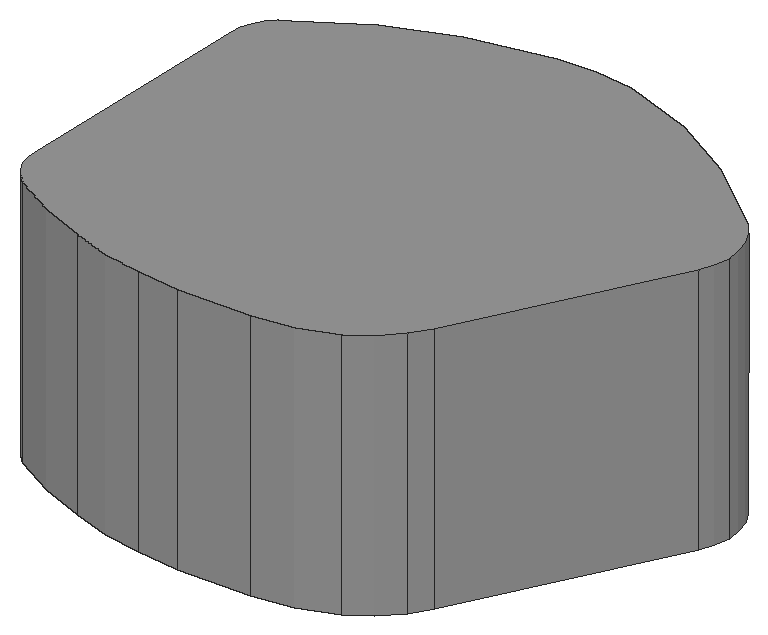
Revit family "Clue_Tables_L30", category Furniture, Revit 2013
Parameters (values of type "CL30")
  Model = "Clue Table L30"
  Length = 2' - 2 3/4"
  Glide = Plastic-Bernhardt-Black
  Description = "Table"
  Width = 2' - 5 3/4"
  URL = "http://bernhardtdesign.com/"
  Product Page URL = "http://www.bernhardtdesign.com/products/clue/index.html"
  Product Name = "Clue"
  Product Documentation Link = "http://www.bernhardtdesign.com/pdf/pricelists/occasional/Clue_PL.pdf"
  Manufacturer = "Bernhardt "  # constant formula
  Level Certification = ""
  Height = 1' - 3 1/2"
  GreenGuard Certification = ""
  Bernhardt Wood = Wood-Bernhardt-Walnut
Reference planes (in)
  plane 1 "Center (Front/Back)": y = 0
  plane 2 "Bottom": z = 0
  plane 3 "Center (Left/Right)": x = 0
  plane 4: z = 15.5
  plane 5: x = -12.6216
  plane 6: through (11.00094, -8.48401, 48) normal (-0.891, 0.454, 0)
  plane 7: y = -12.95083
  plane 8: y = 13.75576
  plane 9 "top of base": z = 1.33567
  plane 10 "base": z = 0.21067
Forms (in)
  Extrusion 1, solid, material "Wood-Bernhardt-Walnut"
    sketch origin (0, 0, 1.33567) x (0, -1, 0) y (1, 0, 0)
      loop
        line (-6.57169, -12.6216) -> (7.17611, -12.6216)
        arc (7.17611, -12.6216) -> (8.5936, -12.28707) -> (9.69742, -11.33692) r 3.07002
        arc (9.69742, -11.33692) -> (10.94442, -9.01237) -> (11.83749, -6.53024) r 17.96105
        arc (11.83749, -6.53024) -> (12.4185, -4.47852) -> (12.75728, -2.3732) r 18.32927
        arc (12.75728, -2.3732) -> (12.90629, -1.19086) -> (12.95083, 0) r 13.5497
        arc (12.95083, 0) -> (12.94425, 1.95942) -> (12.74597, 3.90879) r 20.00057
        arc (12.74597, 3.90879) -> (12.36727, 6.0604) -> (11.56025, 8.09056) r 10.72052
        arc (11.56025, 8.09056) -> (10.71176, 9.26449) -> (9.66734, 10.2681) r 8.08157
        arc (9.66734, 10.2681) -> (9.15505, 10.61188) -> (8.62568, 10.92875) r 11.94231
        line (8.62568, 10.92875) -> (-2.72278, 16.71108)
        arc (-2.72278, 16.71108) -> (-3.52004, 16.97699) -> (-4.34881, 17.1165) r 5.42189
        arc (-4.34881, 17.1165) -> (-5.90767, 16.76557) -> (-7.21154, 15.84193) r 4.0726
        arc (-7.21154, 15.84193) -> (-8.86875, 13.91434) -> (-10.33817, 11.84003) r 27.11521
        arc (-10.33817, 11.84003) -> (-12.35422, 8.17112) -> (-13.59294, 4.17226) r 20.75313
        arc (-13.59294, 4.17226) -> (-13.72091, 2.08613) -> (-13.59294, 0) r 17.06831
        arc (-13.59294, 0) -> (-13.2034, -2.24202) -> (-12.59416, -4.43455) r 22.99499
        arc (-12.59416, -4.43455) -> (-11.07372, -7.98499) -> (-8.98049, -11.23088) r 22.99499
        arc (-8.98049, -11.23088) -> (-7.95884, -12.24276) -> (-6.57169, -12.6216) r 2.82861
    from 0 to 14.0875
  Extrusion 2, solid, material "Wood-Bernhardt-Walnut"
    sketch origin (0, 0, 0.21067) x (1, 0, 0) y (0, 1, 0)
      loop
        line (-8.6841, 5.9954) -> (-8.6841, -6.70797)
        arc (-8.6841, -6.70797) -> (-5.78408, -7.88431) -> (-2.7746, -8.74277) r 29.13096
        arc (-2.7746, -8.74277) -> (-1.39554, -8.95769) -> (0, -8.97937) r 10.04458
        arc (0, -8.97937) -> (2.0432, -8.95679) -> (4.07693, -8.75902) r 23.79729
        arc (4.07693, -8.75902) -> (6.0132, -8.1469) -> (7.44612, -6.70797) r 4.26025
        line (7.44612, -6.70797) -> (13.09476, 4.3781)
        arc (13.09476, 4.3781) -> (10.43222, 6.41673) -> (7.54785, 8.12714) r 28.38478
        arc (7.54785, 8.12714) -> (3.89721, 9.49496) -> (0, 9.59429) r 11.76114
        arc (0, 9.59429) -> (-4.56985, 8.34454) -> (-8.6841, 5.9954) r 18.86077
      loop
        line (-6.6841, 4.96149) -> (-6.6841, -5.40554)
        arc (-6.6841, -5.40554) -> (-4.53635, -6.191) -> (-2.33009, -6.79279) r 27.13096
        arc (-2.33009, -6.79279) -> (-1.18421, -6.96834) -> (-0.02501, -6.97737) r 8.04458
        arc (-0.02501, -6.97737) -> (1.93309, -6.95982) -> (3.88172, -6.76661) r 21.79729
        arc (3.88172, -6.76661) -> (4.91958, -6.4702) -> (5.70165, -5.7263) r 2.26025
        line (5.70165, -5.7263) -> (10.57966, 3.84733)
        arc (10.57966, 3.84733) -> (8.6397, 5.19952) -> (6.58646, 6.37259) r 26.38478
        arc (6.58646, 6.37259) -> (3.53889, 7.52715) -> (0.28111, 7.61414) r 9.76114
        arc (0.28111, 7.61414) -> (-3.3499, 6.6775) -> (-6.6841, 4.96149) r 16.86077
    from 0 to 1.125
Lines and regions (in)
  symbolic lines
    curve 1: arc (-12.6216, 6.57169, 0.21067) -> (-12.24276, 7.95884, 0.21067) -> (-11.23088, 8.98049, 0.21067) r 2.82861
    curve 2: arc (-11.23088, 8.98049, 0.21067) -> (-5.80448, 12.09063, 0.21067) -> (0.25943, 13.62288, 0.21067) r 22.98647
    curve 3: arc (0.25943, 13.62288, 0.21067) -> (3.19203, 13.65772, 0.21067) -> (6.07403, 13.11416, 0.21067) r 14.8142
    curve 4: arc (6.07403, 13.11416, 0.21067) -> (9.07049, 11.96184, 0.21067) -> (11.84003, 10.33817, 0.21067) r 19.70208
    curve 5: arc (15.54014, 7.46999, 0.21067) -> (16.68034, 6.08719, 0.21067) -> (17.1165, 4.34881, 0.21067) r 4.0726
    curve 6: arc (11.84003, 10.33817, 0.21067) -> (13.72421, 8.94811, 0.21067) -> (15.54014, 7.46999, 0.21067) r 49.20642
    curve 7: arc (17.1165, 4.34881, 0.21067) -> (17.03868, 3.57201, 0.21067) -> (16.77282, 2.83798, 0.21067) r 3.1606
    curve 8: arc (11.00546, -8.4792, 0.21067) -> (9.69282, -10.30699, 0.21067) -> (7.8946, -11.65983, 0.21067) r 7.45514
    curve 9: arc (7.8946, -11.65983, 0.21067) -> (5.96372, -12.43052, 0.21067) -> (3.90879, -12.74597, 0.21067) r 9.16047
    curve 10: arc (3.90879, -12.74597, 0.21067) -> (1.41543, -12.96605, 0.21067) -> (-1.08749, -12.93892, 0.21067) r 25.32587
    curve 11: arc (-1.08749, -12.93892, 0.21067) -> (-4.08596, -12.53654, 0.21067) -> (-6.99379, -11.70152, 0.21067) r 20.70558
    curve 12: arc (-6.99379, -11.70152, 0.21067) -> (-9.23237, -10.84469, 0.21067) -> (-11.33692, -9.69742, 0.21067) r 17.96105
    curve 13: arc (-11.33692, -9.69742, 0.21067) -> (-12.24208, -8.75315, 0.21067) -> (-12.60726, -7.49713, 0.21067) r 2.74401
    curve 14: line (-12.6216, 6.57169, 0.21067) -> (-12.6216, -7.03572, 0.21067)
    curve 15: line (-12.6216, -7.03572, 0.21067) -> (-12.60726, -7.49713, 0.21067)
    curve 16: line (11.00546, -8.4792, 0.21067) -> (16.77282, 2.83798, 0.21067)
Dimensions and locks (in)
  plane 4 to level = 1' - 3 1/2"
  nested 1 to plane 3 "Center (Left/Right)" = 0' - 7.6841"
  nested 1 to plane 1 "Center (Front/Back)" = 0' - 5.49145"
  nested 2 to plane 3 "Center (Left/Right)" = 0' - 11.8651"
  nested 2 to plane 8 = 0' - 9.59319"
  nested 3 to plane 3 "Center (Left/Right)" = 0' - 5.88662"
  nested 3 to plane 1 "Center (Front/Back)" = 0' - 7.11506"
  nested 4 to plane 3 "Center (Left/Right)" = 0' - 7.6841"
  nested 4 to plane 1 "Center (Front/Back)" = 0' - 6.09542"
  aligned and locked: plane 2 "Bottom" to level
  aligned and locked: plane 5 to Extrusion 1 sketch curve  (x3)
  aligned and locked: plane 6 to Extrusion 1 sketch curve  (x2)
  aligned and locked: Extrusion 1 sketch curve to plane 6
  aligned and locked: plane 3 "Center (Left/Right)" to Extrusion 2 sketch curve  (x2)
  aligned and locked: plane 10 "base" to Extrusion 2
  aligned and locked: plane 9 "top of base" to Extrusion 2
  aligned and locked: curve 14 to Extrusion 1
Nested families (in)
  nested 1: "Clue_TableFoot" at (-7.6841, 5.49145, 0), type "ClueFoot"
  nested 2: "Clue_TableFoot" at (11.8651, 4.16258, 0), type "ClueFoot"
  nested 3: "Clue_TableFoot" at (5.88662, -7.11506, 0), type "ClueFoot"
  nested 4: "Clue_TableFoot" at (-7.6841, -6.09542, 0), type "ClueFoot"
Definition of nested family "Clue_TableFoot"
  Parameters (values of type "ClueFoot")
    Model = "Clue Tables xxx"
    Length = 0' - 0"
    Glide = Plastic-Bernhardt-Black
    Description = "Table"
    Width = 0' - 0"
    URL = "http://bernhardtdesign.com/"
    Product Page URL = "xxx"
    Product Name = "Clue"
    Product Documentation Link = "xxx"
    Manufacturer = "Bernhardt "  # constant formula
    Level Certification = ""
    Height = 0' - 0"
    GreenGuard Certification = ""
  Reference planes (in)
    plane 1 "Center (Front/Back)": y = 0
    plane 2 "Bottom": z = 0
    plane 3 "Center (Left/Right)": x = 0
    plane 4: x = -12.6216
    plane 5: through (11.00094, -8.48401, 48) normal (-0.891, 0.454, 0)
  Forms (in)
    Revolve 1, solid, material "Plastic-Bernhardt-Black"
      sketch origin (7.66437, -0.00236, -0.00899) x (1, 0, 0) y (0, 0, 1)
        loop
          line (-7.68479, 0.2122) -> (-7.68479, 0.02302) -> (-7.4716, 0.06752)
          arc (-7.4716, 0.06752) -> (-7.4443, 0.09057) -> (-7.4341, 0.1248) r 0.0625
          line (-7.4341, 0.1248) -> (-7.4341, 0.2122) -> (-7.68479, 0.2122)
        axis (-7.68479, 0.02302) -> (-7.68479, 0.2122)
      angle from 0 to 360
  Dimensions and locks (in)
    aligned and locked: plane 2 "Bottom" to level
